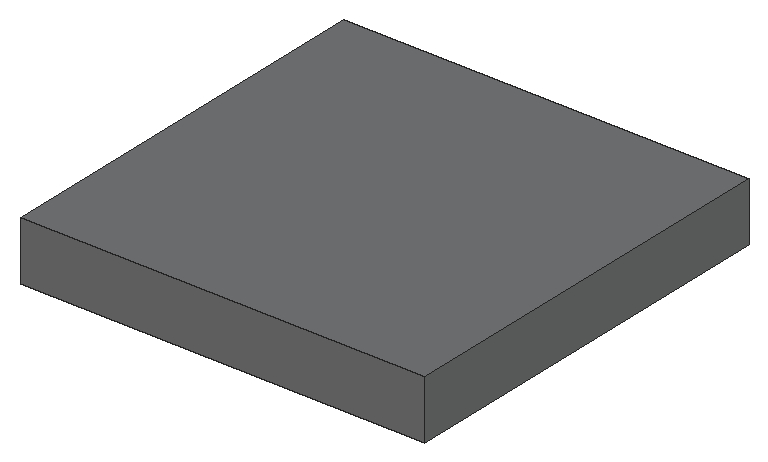
Revit family "Gira_029428", category Electrical Fixtures, host Face, Revit 2017
Family settings
  Host = Face
  Maintain Annotation Orientation = No
  Round Connector Dimension = Use Diameter
  Part Type = Normal
  Cut with Voids When Loaded = No
  Shared = No
  Room Calculation Point = No
Parameters (values of type "Rocker 2-g arrow sym. System 55 anthra.")
  With exchangeable lens/symbol = "No"
  URL = "http://katalog.gira.de/en/datenblatt.html?artikelnr=029428"
  Suitable for touch sensor connector for bus system = "No"
  Scannable symbol / barrier free = "No"
  Name = "Rocker 2-g arrow sym. System 55 anthra."
  Monitoring window/light outlet = "No"
  Model = "Two-part rocker"
  Manufacturer URL = "https://www.gira.de/"
  Manufacturer = "Gira"
  Keynote = ""
  HeinzeBIM = "https://bimportal.heinze.de/bim/rocker-2-g-arrow-sym-system-55-anthra-/bab62ce0c9b8731b4c11cd7c63691a6680493d3a"
  HAN = "029428"
  GTIN = "4010337294283"
  Description = "Rock.2g arrow sym. Sys55 AN,Rocker, 2-gang with arrow symbol,,anthracite,"
  Default Elevation = 1219.2 mm
  Data sheet (1) = "https://katalog.gira.de/en/download.html?artikelnr=029428"
  Category = "Control element/cover plate for domestic switching devices"
  BIM (1) = "https://media.stage.bim.site/public/gira/36a6b08/Sys55_Abdeckung_Schalten und Tasten.rfa?public/gira/36a6b08/Sys55_Abdeckung_Schalten und Tasten.rfa"
  Available = "No"
  Anthrazit [instance] = Anthrazit
Reference planes
  plane 1 "Center (Front/Back)": y = 0
  plane 2: z = 0
  plane 3 "Center (Left/Right)": x = 0
Forms (mm)
  Extrusion 1, solid, material "Anthrazit" <- "Anthrazit", detail levels fine
    sketch origin (0, 0, 0) x (1, 0, 0) y (0, 1, 0)
      loop
        line (-27.5, 27.5) -> (-27.5, -27.5) -> (27.5, -27.5) -> (27.5, 27.5) -> (-27.5, 27.5)
    from 0 to 8
  Extrusion 2, void
    sketch origin (0, 0, 0) x (1, 0, 0) y (0, 1, 0)
      loop
        line (26, 26) -> (-26, 26) -> (-26, -26) -> (26, -26) -> (26, 26)
    from 0 to 6
  Extrusion 3, solid, material "Anthrazit" <- "Anthrazit", detail levels medium
    sketch origin (0, 0, 0) x (1, 0, 0) y (0, 1, 0)
      loop
        line (-27.5, 27.5) -> (-27.5, -27.5) -> (27.5, -27.5) -> (27.5, 27.5) -> (-27.5, 27.5)
    from 0 to 8
  Extrusion 4, solid, material "Anthrazit" <- "Anthrazit", detail levels medium
    sketch origin (0, 0, 0) x (1, 0, 0) y (0, 1, 0)
      loop
        line (11, -17.5) -> (11, 17.5) -> (-11, 17.5) -> (-11, -17.5) -> (11, -17.5)
    from -6 to 6
  Extrusion 5, solid, material "Anthrazit" <- "Anthrazit", detail levels fine
    sketch origin (0, 0, 0) x (1, 0, 0) y (0, 1, 0)
      loop
        line (11, 17.5) -> (-11, 17.5) -> (-11, 16.5) -> (11, 16.5) -> (11, 17.5)
      loop
        line (-11, -16.5) -> (-11, -17.5) -> (11, -17.5) -> (11, -16.5) -> (-11, -16.5)
    from -4 to 6
  Extrusion 6, solid, material "Anthrazit" <- "Anthrazit", detail levels fine
    sketch origin (0, 0, 0) x (1, 0, 0) y (0, 1, 0)
      loop
        arc (5, 9.347) -> (0, 10.6) -> (-5, 9.347) r 10.6
        line (-5, 9.347) -> (-5, -9.347)
        arc (-5, -9.347) -> (0, -10.6) -> (5, -9.347) r 10.6
        line (5, -9.347) -> (5, 9.347)
    from -6 to 6
  Extrusion 7, solid, material "Anthrazit" <- "Anthrazit", detail levels coarse
    sketch origin (0, 0, 0) x (1, 0, 0) y (0, 1, 0)
      loop
        line (-27.5, 27.5) -> (-27.5, -27.5) -> (27.5, -27.5) -> (27.5, 27.5) -> (-27.5, 27.5)
    from -6 to 8
Cuts and joins
  Extrusion 2 cuts Extrusion 1
Dimensions and locks
  aligned and locked: plane 2 to host face
  aligned and locked: level to host face
